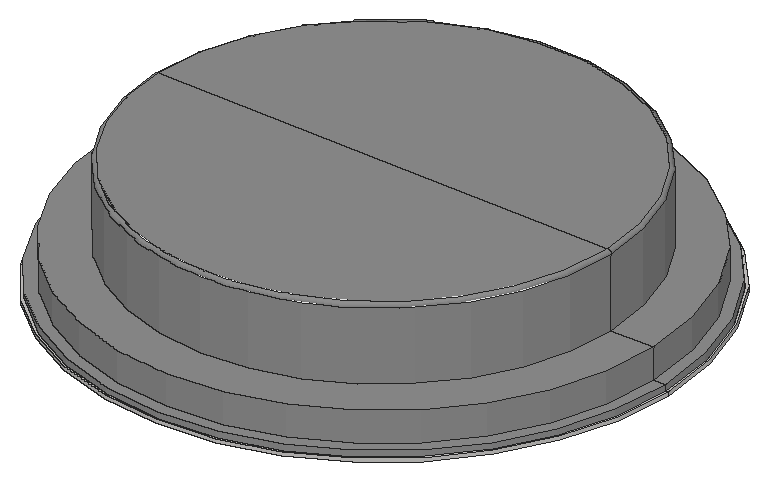
Revit family "50524_BEGA_Revit", category Lighting Fixtures, host Ceiling, Revit 2017
Family settings
  Host = Ceiling
  Round Connector Dimension = Use Diameter
  Part Type = Normal
  OmniClass Number = 23.80.70.11
  OmniClass Title = Luminaries for Internal Lighting
  Always vertical = Yes
  Cut with Voids When Loaded = No
  Light Source = Yes
  Shared = No
  Room Calculation Point = No
Parameters (values of type "Recessed ceiling and wall luminaires")
  Wattage = 11.1147 W
  built-in parameter 1150110 = 1 (stored number, unit not read)
  built-in parameter 1114217 = 1 (stored number, unit not read)
  Tilt Angle = 90.00°
  built-in parameter 1150109 = 1 (stored number, unit not read)
  built-in parameter 1150134 = 12
  built-in parameter 1150113 = 1 (stored number, unit not read)
  Photometric Web File = "50524K4_BEGA_IES.ies"
  Model = "50 524"
  Manufacturer = "BEGA North America"
  Lumens = 1651 lm
  built-in parameter 1150115 = 1 (stored number, unit not read)
  built-in parameter 1150105 = 131.38 (stored number, unit not read)
  built-in parameter 1150137 = (empty or 0)
  built-in parameter 1150139 = (empty or 0)
  built-in parameter 1150112 = 1 (stored number, unit not read)
  built-in parameter 1150114 = 1 (stored number, unit not read)
  built-in parameter 1150132 = 2
  built-in parameter 1150102 = (empty or 0)
  built-in parameter 1150138 = (empty or 0)
  built-in parameter 1150107 = 4000 (stored number, unit not read)
  built-in parameter 1150106 = 1.3138 (stored number, unit not read)
  built-in parameter 1150104 = 13.8 (stored number, unit not read)
  Dimming Lamp Color Temperature Shift = <None>
  Description = "Recessed ceiling and wall luminaires"
  Color Filter = 16777215
  built-in parameter 1114218 = 1 (stored number, unit not read)
  built-in parameter 1150133 = 10 (stored number, unit not read)
Types (3): name | Wattage | Photometric Web File | Model | Lumens | built-in parameter 1150105 | built-in parameter 1150106 | Description
  (no name) | 11.1147 W | "50524K4_BEGA_IES.ies" | "50 524" | 1651 lm | 131.38 (stored number, unit not read) | 1.3138 (stored number, unit not read) | "Recessed ceiling and wall luminaires"
  Semi-Recessed ceiling luminaire | 23.2662 W | 0' - 0" | "50 177" | 3456 lm | 275.02 (stored number, unit not read) | 2.7502 (stored number, unit not read) | "Semi-Recessed ceiling luminaire"
  Recessed ceiling and wall luminaires | 11.1147 W | "50524K4_BEGA_IES.ies" | "50 524" | 1651 lm | 131.38 (stored number, unit not read) | 1.3138 (stored number, unit not read) | "Recessed ceiling and wall luminaires"
Reference planes (in)
  plane 1 "Light Source Axis (F/B)": y = 0
  plane 2 "Ceiling": z = 96
  plane 3 "Light Source Axis (L/R)": x = 0
  plane 4 "Light Source Elevation": z = 95.9339
Lines and regions (in)
  Opening 1
    outline origin (0, 0, 96) x (1, 0, 0) y (0, 1, 0)
      loop
        circle (0, 0) r 4.685
Dimensions and locks (in)
  equal spacing: host sketch curve, plane 3 "Light Source Axis (L/R)", host sketch curve
  equal spacing: host sketch curve, plane 1 "Light Source Axis (F/B)", host sketch curve
  host sketch curve to host sketch curve = 10' - 0"  (x2)
  aligned and locked: plane 3 "Light Source Axis (L/R)" to imposter light
  aligned and locked: plane 1 "Light Source Axis (F/B)" to imposter light
  aligned and locked: plane 4 "Light Source Elevation" to imposter light
Nested families (in)
  nested 1: "50524" at (0, 0, 96), type "50524"
Definition of nested family "50524"
  Reference planes (in)
    plane 1 "Center (Front/Back)": y = 0
    plane 2: z = 0
    plane 3 "Center (Left/Right)": x = 0
  Forms (in)
    Revolve 1, solid
      sketch origin (0, 0, -0.03485) x (1, 0, 0) y (0, 0, 1)
        loop
          line (-4.93479, 0) -> (-4.606, 0) -> (-4.606, 0.511) -> (-3.9095, 0.511)
          arc (-3.9095, 0.511) -> (-3.8745, 0.5255) -> (-3.86, 0.5605) r 0.0495
          line (-3.86, 0.5605) -> (-3.86, 1.42925)
          arc (-3.86, 1.42925) -> (-3.83518, 1.48918) -> (-3.77525, 1.514) r 0.08475
          line (-3.77525, 1.514) -> (0, 1.514) -> (0, 1.889) -> (-3.92144, 1.889)
          arc (-3.92144, 1.889) -> (-3.96638, 1.87038) -> (-3.985, 1.82544) r 0.06356
          line (-3.985, 1.82544) -> (-3.985, 0.636) -> (-4.731, 0.636) -> (-4.731, 0.125) -> (-4.93479, 0.125) -> (-4.93479, 0)
        axis (0, 0) -> (0, 1.889)
      angle from 0 to 360
    Revolve 2, solid
      sketch origin (0.01217, 0, 1.1875) x (1, 0, 0) y (0, 0, 1)
        loop
          line (4.547, -1.25) -> (4.98, -1.25) -> (4.98, -1.1875) -> (4.9486, -1.1875) -> (4.9486, -1.22331) -> (4.581, -1.22331) -> (4.581, -0.758) -> (4.547, -0.758) -> (4.547, -1.25)
        axis (0, -0.758) -> (0, -1.25)
      angle from 0 to 360
    Revolve 3, solid
      sketch origin (0, 0, 0.9339) x (1, 0, 0) y (0, 0, 1)
        loop
          line (0, -1) -> (0, -0.875) -> (-3.91, -0.875) -> (-3.91, -0.835) -> (-3.8276, -0.835)
          arc (-3.8276, -0.835) -> (-3.71453, -0.75118) -> (-3.674, -0.61639) r 0.22344
          line (-3.674, -0.61639) -> (-3.674, 0.35) -> (-3.799, 0.35) -> (-3.799, -0.61852)
          arc (-3.799, -0.61852) -> (-3.8121, -0.67194) -> (-3.85182, -0.71) r 0.09844
          line (-3.85182, -0.71) -> (-4.035, -0.71) -> (-4.035, -0.94462)
          arc (-4.035, -0.94462) -> (-4.01878, -0.98378) -> (-3.97962, -1) r 0.05538
          line (-3.97962, -1) -> (0, -1)
        axis (0, -1) -> (0, 0.35)
      angle from 0 to 360
  Dimensions and locks (in)
    aligned and locked: plane 2 to level
